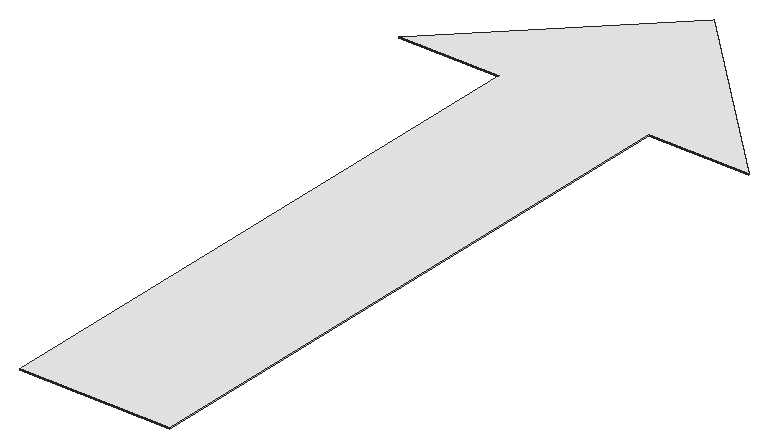
Revit family
Reference planes
  plane 1 "중심(앞/뒤)": y = 0
  plane 2: z = 0
  plane 3 "중심(왼쪽/오른쪽)": x = 0
Forms (mm)
  Extrusion 1, solid, material "페인트 - 흰색"
    sketch origin (0, 0, 0) x (1, 0, 0) y (0, 1, 0)
      loop
        line (-355.6, 1219.2) -> (-152.4, 1219.2) -> (-152.4, 0) -> (152.4, 0) -> (152.4, 1219.2) -> (355.6, 1219.2) -> (0, 1574.8) -> (-355.6, 1219.2)
    from 0 to 1.587
